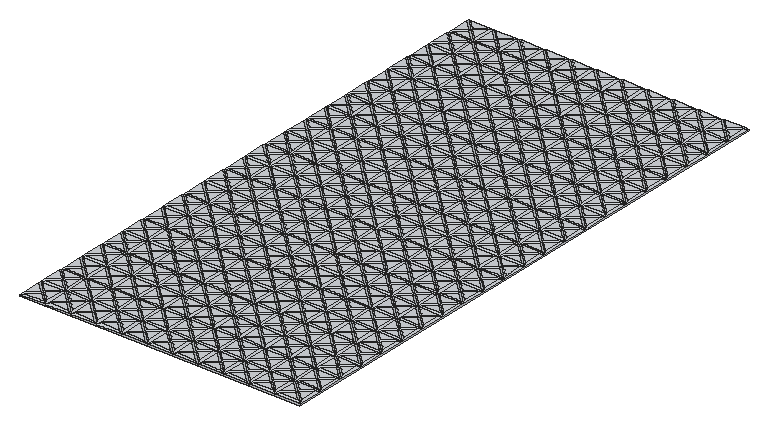
Revit family "J2 PET Felt Engraved Crystal", category Generic Models, host Face, Revit 2022
Family settings
  Host = Face
  Can host rebar = No
  Round Connector Dimension = Use Diameter
  Part Type = Normal
  Cut with Voids When Loaded = No
  Maintain Annotation Orientation = No
  Shared = No
  Room Calculation Point = No
Parameters
  URL = "https://www.j2systems.net/"
  Symbol Name = "FPECRS"  # constant formula
  Style Number = "FPECRS"  # constant formula
  Release Date = "2019"  # constant formula
  Product Line = "Engraved Panels"  # constant formula
  Model = "Crystal"  # constant formula
  Manufacturer = "J2 Systems"  # constant formula
  Felt color = none
  Default Elevation = 0' - 0"
Reference planes (in)
  plane 1 "Center (Front/Back)": y = 0
  plane 2: z = 0
  plane 3 "Center (Left/Right)": x = 0
Forms (in)
  Extrusion 1, solid, material <- "Felt color"
    sketch origin (0, 0, 0) x (1, 0, 0) y (0, 1, 0)
      loop
        line (0, 0) -> (47, 0) -> (47, 94) -> (0, 94) -> (0, 0)
    from 0 to 0.5
  Sweep 2, void
    path origin (-16.61701, 16.61701, 0) x (0.707107, -0.707107, 0) y (0.707107, 0.707107, 0)
      loop
        line (23.5, -0.25) -> (23.5, 66.75)
    profile origin (23.5113, 23.5113, 0) x (-0.707107, 0.707107, 0) y (0, 0, 1)
      loop
        line (0, 0.25) -> (0.25, 0.5) -> (-0.25, 0.5) -> (0, 0.25)
  Sweep 3, void
    path origin (-16.61701, 20.88974, 0) x (0.707107, -0.707107, 0) y (0.707107, 0.707107, 0)
      loop
        line (23.5, -0.25) -> (23.5, 66.75)
    profile origin (23.5113, 27.78403, 0) x (-0.707107, 0.707107, 0) y (0, 0, 1)
      loop
        line (0, 0.25) -> (0.25, 0.5) -> (-0.25, 0.5) -> (0, 0.25)
  Sweep 4, void
    path origin (-16.61701, 25.16246, 0) x (0.707107, -0.707107, 0) y (0.707107, 0.707107, 0)
      loop
        line (23.5, -0.25) -> (23.5, 66.75)
    profile origin (23.5113, 32.05676, 0) x (-0.707107, 0.707107, 0) y (0, 0, 1)
      loop
        line (0, 0.25) -> (0.25, 0.5) -> (-0.25, 0.5) -> (0, 0.25)
  Sweep 5, void
    path origin (-16.61701, 29.43519, 0) x (0.707107, -0.707107, 0) y (0.707107, 0.707107, 0)
      loop
        line (23.5, -0.25) -> (23.5, 66.75)
    profile origin (23.5113, 36.32948, 0) x (-0.707107, 0.707107, 0) y (0, 0, 1)
      loop
        line (0, 0.25) -> (0.25, 0.5) -> (-0.25, 0.5) -> (0, 0.25)
  Sweep 6, void
    path origin (-16.61701, 33.70792, 0) x (0.707107, -0.707107, 0) y (0.707107, 0.707107, 0)
      loop
        line (23.5, -0.25) -> (23.5, 66.75)
    profile origin (23.5113, 40.60221, 0) x (-0.707107, 0.707107, 0) y (0, 0, 1)
      loop
        line (0, 0.25) -> (0.25, 0.5) -> (-0.25, 0.5) -> (0, 0.25)
  Sweep 7, void
    path origin (-16.61701, 37.98065, 0) x (0.707107, -0.707107, 0) y (0.707107, 0.707107, 0)
      loop
        line (23.5, -0.25) -> (23.5, 66.75)
    profile origin (23.5113, 44.87494, 0) x (-0.707107, 0.707107, 0) y (0, 0, 1)
      loop
        line (0, 0.25) -> (0.25, 0.5) -> (-0.25, 0.5) -> (0, 0.25)
  Sweep 8, void
    path origin (-16.61701, 42.25337, 0) x (0.707107, -0.707107, 0) y (0.707107, 0.707107, 0)
      loop
        line (23.5, -0.25) -> (23.5, 66.75)
    profile origin (23.5113, 49.14766, 0) x (-0.707107, 0.707107, 0) y (0, 0, 1)
      loop
        line (0, 0.25) -> (0.25, 0.5) -> (-0.25, 0.5) -> (0, 0.25)
  Sweep 9, void
    path origin (-16.61701, 46.5261, 0) x (0.707107, -0.707107, 0) y (0.707107, 0.707107, 0)
      loop
        line (23.5, -0.25) -> (23.5, 66.75)
    profile origin (23.5113, 53.42039, 0) x (-0.707107, 0.707107, 0) y (0, 0, 1)
      loop
        line (0, 0.25) -> (0.25, 0.5) -> (-0.25, 0.5) -> (0, 0.25)
  Sweep 10, void
    path origin (-16.61701, 50.79883, 0) x (0.707107, -0.707107, 0) y (0.707107, 0.707107, 0)
      loop
        line (23.5, -0.25) -> (23.5, 66.75)
    profile origin (23.5113, 57.69312, 0) x (-0.707107, 0.707107, 0) y (0, 0, 1)
      loop
        line (0, 0.25) -> (0.25, 0.5) -> (-0.25, 0.5) -> (0, 0.25)
  Sweep 11, void
    path origin (-16.61701, 55.07155, 0) x (0.707107, -0.707107, 0) y (0.707107, 0.707107, 0)
      loop
        line (23.5, -0.25) -> (23.5, 66.75)
    profile origin (23.5113, 61.96585, 0) x (-0.707107, 0.707107, 0) y (0, 0, 1)
      loop
        line (0, 0.25) -> (0.25, 0.5) -> (-0.25, 0.5) -> (0, 0.25)
  Sweep 12, void
    path origin (-16.61701, 59.34428, 0) x (0.707107, -0.707107, 0) y (0.707107, 0.707107, 0)
      loop
        line (23.5, -0.25) -> (23.5, 66.75)
    profile origin (23.5113, 66.23857, 0) x (-0.707107, 0.707107, 0) y (0, 0, 1)
      loop
        line (0, 0.25) -> (0.25, 0.5) -> (-0.25, 0.5) -> (0, 0.25)
  Sweep 13, void
    path origin (-16.61701, 63.61701, 0) x (0.707107, -0.707107, 0) y (0.707107, 0.707107, 0)
      loop
        line (23.5, -0.25) -> (23.5, 66.75)
    profile origin (23.5113, 70.5113, 0) x (-0.707107, 0.707107, 0) y (0, 0, 1)
      loop
        line (0, 0.25) -> (0.25, 0.5) -> (-0.25, 0.5) -> (0, 0.25)
  Sweep 14, void
    path origin (-16.61701, 67.88974, 0) x (0.707107, -0.707107, 0) y (0.707107, 0.707107, 0)
      loop
        line (23.5, -0.25) -> (23.5, 66.75)
    profile origin (23.5113, 74.78403, 0) x (-0.707107, 0.707107, 0) y (0, 0, 1)
      loop
        line (0, 0.25) -> (0.25, 0.5) -> (-0.25, 0.5) -> (0, 0.25)
  Sweep 15, void
    path origin (-16.61701, 72.16246, 0) x (0.707107, -0.707107, 0) y (0.707107, 0.707107, 0)
      loop
        line (23.5, -0.25) -> (23.5, 66.75)
    profile origin (23.5113, 79.05676, 0) x (-0.707107, 0.707107, 0) y (0, 0, 1)
      loop
        line (0, 0.25) -> (0.25, 0.5) -> (-0.25, 0.5) -> (0, 0.25)
  Sweep 16, void
    path origin (-16.61701, 76.43519, 0) x (0.707107, -0.707107, 0) y (0.707107, 0.707107, 0)
      loop
        line (23.5, -0.25) -> (23.5, 66.75)
    profile origin (23.5113, 83.32948, 0) x (-0.707107, 0.707107, 0) y (0, 0, 1)
      loop
        line (0, 0.25) -> (0.25, 0.5) -> (-0.25, 0.5) -> (0, 0.25)
  Sweep 17, void
    path origin (-16.61701, 80.70792, 0) x (0.707107, -0.707107, 0) y (0.707107, 0.707107, 0)
      loop
        line (23.5, -0.25) -> (23.5, 66.75)
    profile origin (23.5113, 87.60221, 0) x (-0.707107, 0.707107, 0) y (0, 0, 1)
      loop
        line (0, 0.25) -> (0.25, 0.5) -> (-0.25, 0.5) -> (0, 0.25)
  Sweep 18, void
    path origin (-16.61701, 84.98065, 0) x (0.707107, -0.707107, 0) y (0.707107, 0.707107, 0)
      loop
        line (23.5, -0.25) -> (23.5, 66.75)
    profile origin (23.5113, 91.87494, 0) x (-0.707107, 0.707107, 0) y (0, 0, 1)
      loop
        line (0, 0.25) -> (0.25, 0.5) -> (-0.25, 0.5) -> (0, 0.25)
  Sweep 19, void
    path origin (-16.61701, 89.25337, 0) x (0.707107, -0.707107, 0) y (0.707107, 0.707107, 0)
      loop
        line (23.5, -0.25) -> (23.5, 66.75)
    profile origin (23.5113, 96.14766, 0) x (-0.707107, 0.707107, 0) y (0, 0, 1)
      loop
        line (0, 0.25) -> (0.25, 0.5) -> (-0.25, 0.5) -> (0, 0.25)
  Sweep 20, void
    path origin (-16.61701, 93.5261, 0) x (0.707107, -0.707107, 0) y (0.707107, 0.707107, 0)
      loop
        line (23.5, -0.25) -> (23.5, 66.75)
    profile origin (23.5113, 100.42039, 0) x (-0.707107, 0.707107, 0) y (0, 0, 1)
      loop
        line (0, 0.25) -> (0.25, 0.5) -> (-0.25, 0.5) -> (0, 0.25)
  Sweep 21, void
    path origin (-16.61701, 97.79883, 0) x (0.707107, -0.707107, 0) y (0.707107, 0.707107, 0)
      loop
        line (23.5, -0.25) -> (23.5, 66.75)
    profile origin (23.5113, 104.69312, 0) x (-0.707107, 0.707107, 0) y (0, 0, 1)
      loop
        line (0, 0.25) -> (0.25, 0.5) -> (-0.25, 0.5) -> (0, 0.25)
  Sweep 22, void
    path origin (-16.61701, 102.07155, 0) x (0.707107, -0.707107, 0) y (0.707107, 0.707107, 0)
      loop
        line (23.5, -0.25) -> (23.5, 66.75)
    profile origin (23.5113, 108.96585, 0) x (-0.707107, 0.707107, 0) y (0, 0, 1)
      loop
        line (0, 0.25) -> (0.25, 0.5) -> (-0.25, 0.5) -> (0, 0.25)
  Sweep 23, void
    path origin (-16.61701, 106.34428, 0) x (0.707107, -0.707107, 0) y (0.707107, 0.707107, 0)
      loop
        line (23.5, -0.25) -> (23.5, 66.75)
    profile origin (23.5113, 113.23857, 0) x (-0.707107, 0.707107, 0) y (0, 0, 1)
      loop
        line (0, 0.25) -> (0.25, 0.5) -> (-0.25, 0.5) -> (0, 0.25)
  Sweep 24, void
    path origin (-16.61701, -30.38299, 0) x (0.707107, -0.707107, 0) y (0.707107, 0.707107, 0)
      loop
        line (23.5, -0.25) -> (23.5, 66.75)
    profile origin (23.5113, -23.4887, 0) x (-0.707107, 0.707107, 0) y (0, 0, 1)
      loop
        line (0, 0.25) -> (0.25, 0.5) -> (-0.25, 0.5) -> (0, 0.25)
  Sweep 25, void
    path origin (-16.61701, -26.11026, 0) x (0.707107, -0.707107, 0) y (0.707107, 0.707107, 0)
      loop
        line (23.5, -0.25) -> (23.5, 66.75)
    profile origin (23.5113, -19.21597, 0) x (-0.707107, 0.707107, 0) y (0, 0, 1)
      loop
        line (0, 0.25) -> (0.25, 0.5) -> (-0.25, 0.5) -> (0, 0.25)
  Sweep 26, void
    path origin (-16.61701, -21.83754, 0) x (0.707107, -0.707107, 0) y (0.707107, 0.707107, 0)
      loop
        line (23.5, -0.25) -> (23.5, 66.75)
    profile origin (23.5113, -14.94324, 0) x (-0.707107, 0.707107, 0) y (0, 0, 1)
      loop
        line (0, 0.25) -> (0.25, 0.5) -> (-0.25, 0.5) -> (0, 0.25)
  Sweep 27, void
    path origin (-16.61701, -17.56481, 0) x (0.707107, -0.707107, 0) y (0.707107, 0.707107, 0)
      loop
        line (23.5, -0.25) -> (23.5, 66.75)
    profile origin (23.5113, -10.67052, 0) x (-0.707107, 0.707107, 0) y (0, 0, 1)
      loop
        line (0, 0.25) -> (0.25, 0.5) -> (-0.25, 0.5) -> (0, 0.25)
  Sweep 28, void
    path origin (-16.61701, -13.29208, 0) x (0.707107, -0.707107, 0) y (0.707107, 0.707107, 0)
      loop
        line (23.5, -0.25) -> (23.5, 66.75)
    profile origin (23.5113, -6.39779, 0) x (-0.707107, 0.707107, 0) y (0, 0, 1)
      loop
        line (0, 0.25) -> (0.25, 0.5) -> (-0.25, 0.5) -> (0, 0.25)
  Sweep 29, void
    path origin (-16.61701, -9.01935, 0) x (0.707107, -0.707107, 0) y (0.707107, 0.707107, 0)
      loop
        line (23.5, -0.25) -> (23.5, 66.75)
    profile origin (23.5113, -2.12506, 0) x (-0.707107, 0.707107, 0) y (0, 0, 1)
      loop
        line (0, 0.25) -> (0.25, 0.5) -> (-0.25, 0.5) -> (0, 0.25)
  Sweep 30, void
    path origin (-16.61701, -4.74663, 0) x (0.707107, -0.707107, 0) y (0.707107, 0.707107, 0)
      loop
        line (23.5, -0.25) -> (23.5, 66.75)
    profile origin (23.5113, 2.14766, 0) x (-0.707107, 0.707107, 0) y (0, 0, 1)
      loop
        line (0, 0.25) -> (0.25, 0.5) -> (-0.25, 0.5) -> (0, 0.25)
  Sweep 31, void
    path origin (-16.61701, -0.4739, 0) x (0.707107, -0.707107, 0) y (0.707107, 0.707107, 0)
      loop
        line (23.5, -0.25) -> (23.5, 66.75)
    profile origin (23.5113, 6.42039, 0) x (-0.707107, 0.707107, 0) y (0, 0, 1)
      loop
        line (0, 0.25) -> (0.25, 0.5) -> (-0.25, 0.5) -> (0, 0.25)
  Sweep 32, void
    path origin (-16.61701, 3.79883, 0) x (0.707107, -0.707107, 0) y (0.707107, 0.707107, 0)
      loop
        line (23.5, -0.25) -> (23.5, 66.75)
    profile origin (23.5113, 10.69312, 0) x (-0.707107, 0.707107, 0) y (0, 0, 1)
      loop
        line (0, 0.25) -> (0.25, 0.5) -> (-0.25, 0.5) -> (0, 0.25)
  Sweep 33, void
    path origin (-16.61701, 8.07155, 0) x (0.707107, -0.707107, 0) y (0.707107, 0.707107, 0)
      loop
        line (23.5, -0.25) -> (23.5, 66.75)
    profile origin (23.5113, 14.96585, 0) x (-0.707107, 0.707107, 0) y (0, 0, 1)
      loop
        line (0, 0.25) -> (0.25, 0.5) -> (-0.25, 0.5) -> (0, 0.25)
  Sweep 34, void
    path origin (-16.61701, 12.34428, 0) x (0.707107, -0.707107, 0) y (0.707107, 0.707107, 0)
      loop
        line (23.5, -0.25) -> (23.5, 66.75)
    profile origin (23.5113, 19.23857, 0) x (-0.707107, 0.707107, 0) y (0, 0, 1)
      loop
        line (0, 0.25) -> (0.25, 0.5) -> (-0.25, 0.5) -> (0, 0.25)
  Sweep 35, void
    path origin (-16.61701, 110.61701, 0) x (0.707107, -0.707107, 0) y (0.707107, 0.707107, 0)
      loop
        line (23.5, -0.25) -> (23.5, 66.75)
    profile origin (23.5113, 117.5113, 0) x (-0.707107, 0.707107, 0) y (0, 0, 1)
      loop
        line (0, 0.25) -> (0.25, 0.5) -> (-0.25, 0.5) -> (0, 0.25)
  Sweep 36, void
    path origin (30.40559, -8.09416, 0) x (0.707107, 0.707107, 0) y (-0.707107, 0.707107, 0)
      loop
        line (23.5, -0.25) -> (23.5, 66.75)
    profile origin (23.5113, 32.03415, 0) x (-0.707107, -0.707107, 0) y (0, 0, 1)
      loop
        line (0, 0.25) -> (0.25, 0.5) -> (-0.25, 0.5) -> (0, 0.25)
  Sweep 37, void
    path origin (30.40559, -3.82143, 0) x (0.707107, 0.707107, 0) y (-0.707107, 0.707107, 0)
      loop
        line (23.5, -0.25) -> (23.5, 66.75)
    profile origin (23.5113, 36.30688, 0) x (-0.707107, -0.707107, 0) y (0, 0, 1)
      loop
        line (0, 0.25) -> (0.25, 0.5) -> (-0.25, 0.5) -> (0, 0.25)
  Sweep 38, void
    path origin (30.40559, 0.4513, 0) x (0.707107, 0.707107, 0) y (-0.707107, 0.707107, 0)
      loop
        line (23.5, -0.25) -> (23.5, 66.75)
    profile origin (23.5113, 40.57961, 0) x (-0.707107, -0.707107, 0) y (0, 0, 1)
      loop
        line (0, 0.25) -> (0.25, 0.5) -> (-0.25, 0.5) -> (0, 0.25)
  Sweep 39, void
    path origin (30.40559, 4.72403, 0) x (0.707107, 0.707107, 0) y (-0.707107, 0.707107, 0)
      loop
        line (23.5, -0.25) -> (23.5, 66.75)
    profile origin (23.5113, 44.85234, 0) x (-0.707107, -0.707107, 0) y (0, 0, 1)
      loop
        line (0, 0.25) -> (0.25, 0.5) -> (-0.25, 0.5) -> (0, 0.25)
  Sweep 40, void
    path origin (30.40559, 8.99675, 0) x (0.707107, 0.707107, 0) y (-0.707107, 0.707107, 0)
      loop
        line (23.5, -0.25) -> (23.5, 66.75)
    profile origin (23.5113, 49.12506, 0) x (-0.707107, -0.707107, 0) y (0, 0, 1)
      loop
        line (0, 0.25) -> (0.25, 0.5) -> (-0.25, 0.5) -> (0, 0.25)
  Sweep 41, void
    path origin (30.40559, 13.26948, 0) x (0.707107, 0.707107, 0) y (-0.707107, 0.707107, 0)
      loop
        line (23.5, -0.25) -> (23.5, 66.75)
    profile origin (23.5113, 53.39779, 0) x (-0.707107, -0.707107, 0) y (0, 0, 1)
      loop
        line (0, 0.25) -> (0.25, 0.5) -> (-0.25, 0.5) -> (0, 0.25)
  Sweep 42, void
    path origin (30.40559, 17.54221, 0) x (0.707107, 0.707107, 0) y (-0.707107, 0.707107, 0)
      loop
        line (23.5, -0.25) -> (23.5, 66.75)
    profile origin (23.5113, 57.67052, 0) x (-0.707107, -0.707107, 0) y (0, 0, 1)
      loop
        line (0, 0.25) -> (0.25, 0.5) -> (-0.25, 0.5) -> (0, 0.25)
  Sweep 43, void
    path origin (30.40559, 21.81494, 0) x (0.707107, 0.707107, 0) y (-0.707107, 0.707107, 0)
      loop
        line (23.5, -0.25) -> (23.5, 66.75)
    profile origin (23.5113, 61.94324, 0) x (-0.707107, -0.707107, 0) y (0, 0, 1)
      loop
        line (0, 0.25) -> (0.25, 0.5) -> (-0.25, 0.5) -> (0, 0.25)
  Sweep 44, void
    path origin (30.40559, 26.08766, 0) x (0.707107, 0.707107, 0) y (-0.707107, 0.707107, 0)
      loop
        line (23.5, -0.25) -> (23.5, 66.75)
    profile origin (23.5113, 66.21597, 0) x (-0.707107, -0.707107, 0) y (0, 0, 1)
      loop
        line (0, 0.25) -> (0.25, 0.5) -> (-0.25, 0.5) -> (0, 0.25)
  Sweep 45, void
    path origin (30.40559, 30.36039, 0) x (0.707107, 0.707107, 0) y (-0.707107, 0.707107, 0)
      loop
        line (23.5, -0.25) -> (23.5, 66.75)
    profile origin (23.5113, 70.4887, 0) x (-0.707107, -0.707107, 0) y (0, 0, 1)
      loop
        line (0, 0.25) -> (0.25, 0.5) -> (-0.25, 0.5) -> (0, 0.25)
  Sweep 46, void
    path origin (30.40559, 34.63312, 0) x (0.707107, 0.707107, 0) y (-0.707107, 0.707107, 0)
      loop
        line (23.5, -0.25) -> (23.5, 66.75)
    profile origin (23.5113, 74.76143, 0) x (-0.707107, -0.707107, 0) y (0, 0, 1)
      loop
        line (0, 0.25) -> (0.25, 0.5) -> (-0.25, 0.5) -> (0, 0.25)
  Sweep 47, void
    path origin (30.40559, 38.90584, 0) x (0.707107, 0.707107, 0) y (-0.707107, 0.707107, 0)
      loop
        line (23.5, -0.25) -> (23.5, 66.75)
    profile origin (23.5113, 79.03415, 0) x (-0.707107, -0.707107, 0) y (0, 0, 1)
      loop
        line (0, 0.25) -> (0.25, 0.5) -> (-0.25, 0.5) -> (0, 0.25)
  Sweep 48, void
    path origin (30.40559, 43.17857, 0) x (0.707107, 0.707107, 0) y (-0.707107, 0.707107, 0)
      loop
        line (23.5, -0.25) -> (23.5, 66.75)
    profile origin (23.5113, 83.30688, 0) x (-0.707107, -0.707107, 0) y (0, 0, 1)
      loop
        line (0, 0.25) -> (0.25, 0.5) -> (-0.25, 0.5) -> (0, 0.25)
  Sweep 49, void
    path origin (30.40559, 47.4513, 0) x (0.707107, 0.707107, 0) y (-0.707107, 0.707107, 0)
      loop
        line (23.5, -0.25) -> (23.5, 66.75)
    profile origin (23.5113, 87.57961, 0) x (-0.707107, -0.707107, 0) y (0, 0, 1)
      loop
        line (0, 0.25) -> (0.25, 0.5) -> (-0.25, 0.5) -> (0, 0.25)
  Sweep 50, void
    path origin (30.40559, 51.72403, 0) x (0.707107, 0.707107, 0) y (-0.707107, 0.707107, 0)
      loop
        line (23.5, -0.25) -> (23.5, 66.75)
    profile origin (23.5113, 91.85234, 0) x (-0.707107, -0.707107, 0) y (0, 0, 1)
      loop
        line (0, 0.25) -> (0.25, 0.5) -> (-0.25, 0.5) -> (0, 0.25)
  Sweep 51, void
    path origin (30.40559, 55.99675, 0) x (0.707107, 0.707107, 0) y (-0.707107, 0.707107, 0)
      loop
        line (23.5, -0.25) -> (23.5, 66.75)
    profile origin (23.5113, 96.12506, 0) x (-0.707107, -0.707107, 0) y (0, 0, 1)
      loop
        line (0, 0.25) -> (0.25, 0.5) -> (-0.25, 0.5) -> (0, 0.25)
  Sweep 52, void
    path origin (30.40559, 60.26948, 0) x (0.707107, 0.707107, 0) y (-0.707107, 0.707107, 0)
      loop
        line (23.5, -0.25) -> (23.5, 66.75)
    profile origin (23.5113, 100.39779, 0) x (-0.707107, -0.707107, 0) y (0, 0, 1)
      loop
        line (0, 0.25) -> (0.25, 0.5) -> (-0.25, 0.5) -> (0, 0.25)
  Sweep 53, void
    path origin (30.40559, 64.54221, 0) x (0.707107, 0.707107, 0) y (-0.707107, 0.707107, 0)
      loop
        line (23.5, -0.25) -> (23.5, 66.75)
    profile origin (23.5113, 104.67052, 0) x (-0.707107, -0.707107, 0) y (0, 0, 1)
      loop
        line (0, 0.25) -> (0.25, 0.5) -> (-0.25, 0.5) -> (0, 0.25)
  Sweep 54, void
    path origin (30.40559, 68.81494, 0) x (0.707107, 0.707107, 0) y (-0.707107, 0.707107, 0)
      loop
        line (23.5, -0.25) -> (23.5, 66.75)
    profile origin (23.5113, 108.94324, 0) x (-0.707107, -0.707107, 0) y (0, 0, 1)
      loop
        line (0, 0.25) -> (0.25, 0.5) -> (-0.25, 0.5) -> (0, 0.25)
  Sweep 55, void
    path origin (30.40559, 73.08766, 0) x (0.707107, 0.707107, 0) y (-0.707107, 0.707107, 0)
      loop
        line (23.5, -0.25) -> (23.5, 66.75)
    profile origin (23.5113, 113.21597, 0) x (-0.707107, -0.707107, 0) y (0, 0, 1)
      loop
        line (0, 0.25) -> (0.25, 0.5) -> (-0.25, 0.5) -> (0, 0.25)
  Sweep 56, void
    path origin (30.40559, -50.82143, 0) x (0.707107, 0.707107, 0) y (-0.707107, 0.707107, 0)
      loop
        line (23.5, -0.25) -> (23.5, 66.75)
    profile origin (23.5113, -10.69312, 0) x (-0.707107, -0.707107, 0) y (0, 0, 1)
      loop
        line (0, 0.25) -> (0.25, 0.5) -> (-0.25, 0.5) -> (0, 0.25)
  Sweep 57, void
    path origin (30.40559, -46.5487, 0) x (0.707107, 0.707107, 0) y (-0.707107, 0.707107, 0)
      loop
        line (23.5, -0.25) -> (23.5, 66.75)
    profile origin (23.5113, -6.42039, 0) x (-0.707107, -0.707107, 0) y (0, 0, 1)
      loop
        line (0, 0.25) -> (0.25, 0.5) -> (-0.25, 0.5) -> (0, 0.25)
  Sweep 58, void
    path origin (30.40559, -42.27597, 0) x (0.707107, 0.707107, 0) y (-0.707107, 0.707107, 0)
      loop
        line (23.5, -0.25) -> (23.5, 66.75)
    profile origin (23.5113, -2.14766, 0) x (-0.707107, -0.707107, 0) y (0, 0, 1)
      loop
        line (0, 0.25) -> (0.25, 0.5) -> (-0.25, 0.5) -> (0, 0.25)
  Sweep 59, void
    path origin (30.40559, -38.00325, 0) x (0.707107, 0.707107, 0) y (-0.707107, 0.707107, 0)
      loop
        line (23.5, -0.25) -> (23.5, 66.75)
    profile origin (23.5113, 2.12506, 0) x (-0.707107, -0.707107, 0) y (0, 0, 1)
      loop
        line (0, 0.25) -> (0.25, 0.5) -> (-0.25, 0.5) -> (0, 0.25)
  Sweep 60, void
    path origin (30.40559, -33.73052, 0) x (0.707107, 0.707107, 0) y (-0.707107, 0.707107, 0)
      loop
        line (23.5, -0.25) -> (23.5, 66.75)
    profile origin (23.5113, 6.39779, 0) x (-0.707107, -0.707107, 0) y (0, 0, 1)
      loop
        line (0, 0.25) -> (0.25, 0.5) -> (-0.25, 0.5) -> (0, 0.25)
  Sweep 61, void
    path origin (30.40559, -29.45779, 0) x (0.707107, 0.707107, 0) y (-0.707107, 0.707107, 0)
      loop
        line (23.5, -0.25) -> (23.5, 66.75)
    profile origin (23.5113, 10.67052, 0) x (-0.707107, -0.707107, 0) y (0, 0, 1)
      loop
        line (0, 0.25) -> (0.25, 0.5) -> (-0.25, 0.5) -> (0, 0.25)
  Sweep 62, void
    path origin (30.40559, -25.18506, 0) x (0.707107, 0.707107, 0) y (-0.707107, 0.707107, 0)
      loop
        line (23.5, -0.25) -> (23.5, 66.75)
    profile origin (23.5113, 14.94324, 0) x (-0.707107, -0.707107, 0) y (0, 0, 1)
      loop
        line (0, 0.25) -> (0.25, 0.5) -> (-0.25, 0.5) -> (0, 0.25)
  Sweep 63, void
    path origin (30.40559, -20.91234, 0) x (0.707107, 0.707107, 0) y (-0.707107, 0.707107, 0)
      loop
        line (23.5, -0.25) -> (23.5, 66.75)
    profile origin (23.5113, 19.21597, 0) x (-0.707107, -0.707107, 0) y (0, 0, 1)
      loop
        line (0, 0.25) -> (0.25, 0.5) -> (-0.25, 0.5) -> (0, 0.25)
  Sweep 64, void
    path origin (30.40559, -16.63961, 0) x (0.707107, 0.707107, 0) y (-0.707107, 0.707107, 0)
      loop
        line (23.5, -0.25) -> (23.5, 66.75)
    profile origin (23.5113, 23.4887, 0) x (-0.707107, -0.707107, 0) y (0, 0, 1)
      loop
        line (0, 0.25) -> (0.25, 0.5) -> (-0.25, 0.5) -> (0, 0.25)
  Sweep 65, void
    path origin (30.40559, -12.36688, 0) x (0.707107, 0.707107, 0) y (-0.707107, 0.707107, 0)
      loop
        line (23.5, -0.25) -> (23.5, 66.75)
    profile origin (23.5113, 27.76143, 0) x (-0.707107, -0.707107, 0) y (0, 0, 1)
      loop
        line (0, 0.25) -> (0.25, 0.5) -> (-0.25, 0.5) -> (0, 0.25)
  Sweep 66, void
    path origin (30.40559, -59.36688, 0) x (0.707107, 0.707107, 0) y (-0.707107, 0.707107, 0)
      loop
        line (23.5, -0.25) -> (23.5, 66.75)
    profile origin (23.5113, -19.23857, 0) x (-0.707107, -0.707107, 0) y (0, 0, 1)
      loop
        line (0, 0.25) -> (0.25, 0.5) -> (-0.25, 0.5) -> (0, 0.25)
  Sweep 67, void
    path origin (30.40559, -55.09416, 0) x (0.707107, 0.707107, 0) y (-0.707107, 0.707107, 0)
      loop
        line (23.5, -0.25) -> (23.5, 66.75)
    profile origin (23.5113, -14.96585, 0) x (-0.707107, -0.707107, 0) y (0, 0, 1)
      loop
        line (0, 0.25) -> (0.25, 0.5) -> (-0.25, 0.5) -> (0, 0.25)
  Sweep 68, void
    path origin (-23.5, -5.46597, 0) x (1, 0, 0) y (0, 1, 0)
      loop
        line (23.5, 5.46597) -> (23.5, 99.46597)
    profile origin (0, 47, 0) x (-1, 0, 0) y (0, 0, 1)
      loop
        line (0, 0.25) -> (0, 0.5) -> (-0.25, 0.5) -> (0, 0.25)
  Sweep 69, void, not visible
    path origin (-16.61701, 16.61701, 0) x (0.707107, -0.707107, 0) y (0.707107, 0.707107, 0)
      loop
        line (23.5, -0.25) -> (23.5, 66.75)
    profile origin (23.5113, 23.5113, 0) x (-0.707107, 0.707107, 0) y (0, 0, 1)
      loop
        line (0, 0.25) -> (0.25, 0.5) -> (-0.25, 0.5) -> (0, 0.25)
  Sweep 70, void, not visible
    path origin (-16.61701, 20.88974, 0) x (0.707107, -0.707107, 0) y (0.707107, 0.707107, 0)
      loop
        line (23.5, -0.25) -> (23.5, 66.75)
    profile origin (23.5113, 27.78403, 0) x (-0.707107, 0.707107, 0) y (0, 0, 1)
      loop
        line (0, 0.25) -> (0.25, 0.5) -> (-0.25, 0.5) -> (0, 0.25)
  Sweep 71, void, not visible
    path origin (-16.61701, 25.16246, 0) x (0.707107, -0.707107, 0) y (0.707107, 0.707107, 0)
      loop
        line (23.5, -0.25) -> (23.5, 66.75)
    profile origin (23.5113, 32.05676, 0) x (-0.707107, 0.707107, 0) y (0, 0, 1)
      loop
        line (0, 0.25) -> (0.25, 0.5) -> (-0.25, 0.5) -> (0, 0.25)
  Sweep 72, void, not visible
    path origin (-16.61701, 29.43519, 0) x (0.707107, -0.707107, 0) y (0.707107, 0.707107, 0)
      loop
        line (23.5, -0.25) -> (23.5, 66.75)
    profile origin (23.5113, 36.32948, 0) x (-0.707107, 0.707107, 0) y (0, 0, 1)
      loop
        line (0, 0.25) -> (0.25, 0.5) -> (-0.25, 0.5) -> (0, 0.25)
  Sweep 73, void, not visible
    path origin (-16.61701, 33.70792, 0) x (0.707107, -0.707107, 0) y (0.707107, 0.707107, 0)
      loop
        line (23.5, -0.25) -> (23.5, 66.75)
    profile origin (23.5113, 40.60221, 0) x (-0.707107, 0.707107, 0) y (0, 0, 1)
      loop
        line (0, 0.25) -> (0.25, 0.5) -> (-0.25, 0.5) -> (0, 0.25)
  Sweep 74, void, not visible
    path origin (-16.61701, 37.98065, 0) x (0.707107, -0.707107, 0) y (0.707107, 0.707107, 0)
      loop
        line (23.5, -0.25) -> (23.5, 66.75)
    profile origin (23.5113, 44.87494, 0) x (-0.707107, 0.707107, 0) y (0, 0, 1)
      loop
        line (0, 0.25) -> (0.25, 0.5) -> (-0.25, 0.5) -> (0, 0.25)
  Sweep 75, void, not visible
    path origin (-16.61701, 42.25337, 0) x (0.707107, -0.707107, 0) y (0.707107, 0.707107, 0)
      loop
        line (23.5, -0.25) -> (23.5, 66.75)
    profile origin (23.5113, 49.14766, 0) x (-0.707107, 0.707107, 0) y (0, 0, 1)
      loop
        line (0, 0.25) -> (0.25, 0.5) -> (-0.25, 0.5) -> (0, 0.25)
  Sweep 76, void, not visible
    path origin (-16.61701, 46.5261, 0) x (0.707107, -0.707107, 0) y (0.707107, 0.707107, 0)
      loop
        line (23.5, -0.25) -> (23.5, 66.75)
    profile origin (23.5113, 53.42039, 0) x (-0.707107, 0.707107, 0) y (0, 0, 1)
      loop
        line (0, 0.25) -> (0.25, 0.5) -> (-0.25, 0.5) -> (0, 0.25)
  Sweep 77, void, not visible
    path origin (-16.61701, 50.79883, 0) x (0.707107, -0.707107, 0) y (0.707107, 0.707107, 0)
      loop
        line (23.5, -0.25) -> (23.5, 66.75)
    profile origin (23.5113, 57.69312, 0) x (-0.707107, 0.707107, 0) y (0, 0, 1)
      loop
        line (0, 0.25) -> (0.25, 0.5) -> (-0.25, 0.5) -> (0, 0.25)
  Sweep 78, void, not visible
    path origin (-16.61701, 55.07155, 0) x (0.707107, -0.707107, 0) y (0.707107, 0.707107, 0)
      loop
        line (23.5, -0.25) -> (23.5, 66.75)
    profile origin (23.5113, 61.96585, 0) x (-0.707107, 0.707107, 0) y (0, 0, 1)
      loop
        line (0, 0.25) -> (0.25, 0.5) -> (-0.25, 0.5) -> (0, 0.25)
  Sweep 79, void, not visible
    path origin (-16.61701, 59.34428, 0) x (0.707107, -0.707107, 0) y (0.707107, 0.707107, 0)
      loop
        line (23.5, -0.25) -> (23.5, 66.75)
    profile origin (23.5113, 66.23857, 0) x (-0.707107, 0.707107, 0) y (0, 0, 1)
      loop
        line (0, 0.25) -> (0.25, 0.5) -> (-0.25, 0.5) -> (0, 0.25)
  Sweep 80, void, not visible
    path origin (-16.61701, 63.61701, 0) x (0.707107, -0.707107, 0) y (0.707107, 0.707107, 0)
      loop
        line (23.5, -0.25) -> (23.5, 66.75)
    profile origin (23.5113, 70.5113, 0) x (-0.707107, 0.707107, 0) y (0, 0, 1)
      loop
        line (0, 0.25) -> (0.25, 0.5) -> (-0.25, 0.5) -> (0, 0.25)
  Sweep 81, void, not visible
    path origin (-16.61701, 67.88974, 0) x (0.707107, -0.707107, 0) y (0.707107, 0.707107, 0)
      loop
        line (23.5, -0.25) -> (23.5, 66.75)
    profile origin (23.5113, 74.78403, 0) x (-0.707107, 0.707107, 0) y (0, 0, 1)
      loop
        line (0, 0.25) -> (0.25, 0.5) -> (-0.25, 0.5) -> (0, 0.25)
  Sweep 82, void, not visible
    path origin (-16.61701, 72.16246, 0) x (0.707107, -0.707107, 0) y (0.707107, 0.707107, 0)
      loop
        line (23.5, -0.25) -> (23.5, 66.75)
    profile origin (23.5113, 79.05676, 0) x (-0.707107, 0.707107, 0) y (0, 0, 1)
      loop
        line (0, 0.25) -> (0.25, 0.5) -> (-0.25, 0.5) -> (0, 0.25)
  Sweep 83, void, not visible
    path origin (-16.61701, 76.43519, 0) x (0.707107, -0.707107, 0) y (0.707107, 0.707107, 0)
      loop
        line (23.5, -0.25) -> (23.5, 66.75)
    profile origin (23.5113, 83.32948, 0) x (-0.707107, 0.707107, 0) y (0, 0, 1)
      loop
        line (0, 0.25) -> (0.25, 0.5) -> (-0.25, 0.5) -> (0, 0.25)
  Sweep 84, void, not visible
    path origin (-16.61701, 80.70792, 0) x (0.707107, -0.707107, 0) y (0.707107, 0.707107, 0)
      loop
        line (23.5, -0.25) -> (23.5, 66.75)
    profile origin (23.5113, 87.60221, 0) x (-0.707107, 0.707107, 0) y (0, 0, 1)
      loop
        line (0, 0.25) -> (0.25, 0.5) -> (-0.25, 0.5) -> (0, 0.25)
  Sweep 85, void, not visible
    path origin (-16.61701, 84.98065, 0) x (0.707107, -0.707107, 0) y (0.707107, 0.707107, 0)
      loop
        line (23.5, -0.25) -> (23.5, 66.75)
    profile origin (23.5113, 91.87494, 0) x (-0.707107, 0.707107, 0) y (0, 0, 1)
      loop
        line (0, 0.25) -> (0.25, 0.5) -> (-0.25, 0.5) -> (0, 0.25)
  Sweep 86, void, not visible
    path origin (-16.61701, 89.25337, 0) x (0.707107, -0.707107, 0) y (0.707107, 0.707107, 0)
      loop
        line (23.5, -0.25) -> (23.5, 66.75)
    profile origin (23.5113, 96.14766, 0) x (-0.707107, 0.707107, 0) y (0, 0, 1)
      loop
        line (0, 0.25) -> (0.25, 0.5) -> (-0.25, 0.5) -> (0, 0.25)
  Sweep 87, void, not visible
    path origin (-16.61701, 93.5261, 0) x (0.707107, -0.707107, 0) y (0.707107, 0.707107, 0)
      loop
        line (23.5, -0.25) -> (23.5, 66.75)
    profile origin (23.5113, 100.42039, 0) x (-0.707107, 0.707107, 0) y (0, 0, 1)
      loop
        line (0, 0.25) -> (0.25, 0.5) -> (-0.25, 0.5) -> (0, 0.25)
  Sweep 88, void, not visible
    path origin (-16.61701, 97.79883, 0) x (0.707107, -0.707107, 0) y (0.707107, 0.707107, 0)
      loop
        line (23.5, -0.25) -> (23.5, 66.75)
    profile origin (23.5113, 104.69312, 0) x (-0.707107, 0.707107, 0) y (0, 0, 1)
      loop
        line (0, 0.25) -> (0.25, 0.5) -> (-0.25, 0.5) -> (0, 0.25)
  Sweep 89, void, not visible
    path origin (-16.61701, 102.07155, 0) x (0.707107, -0.707107, 0) y (0.707107, 0.707107, 0)
      loop
        line (23.5, -0.25) -> (23.5, 66.75)
    profile origin (23.5113, 108.96585, 0) x (-0.707107, 0.707107, 0) y (0, 0, 1)
      loop
        line (0, 0.25) -> (0.25, 0.5) -> (-0.25, 0.5) -> (0, 0.25)
  Sweep 90, void, not visible
    path origin (-16.61701, 106.34428, 0) x (0.707107, -0.707107, 0) y (0.707107, 0.707107, 0)
      loop
        line (23.5, -0.25) -> (23.5, 66.75)
    profile origin (23.5113, 113.23857, 0) x (-0.707107, 0.707107, 0) y (0, 0, 1)
      loop
        line (0, 0.25) -> (0.25, 0.5) -> (-0.25, 0.5) -> (0, 0.25)
  Sweep 91, void, not visible
    path origin (-16.61701, -30.38299, 0) x (0.707107, -0.707107, 0) y (0.707107, 0.707107, 0)
      loop
        line (23.5, -0.25) -> (23.5, 66.75)
    profile origin (23.5113, -23.4887, 0) x (-0.707107, 0.707107, 0) y (0, 0, 1)
      loop
        line (0, 0.25) -> (0.25, 0.5) -> (-0.25, 0.5) -> (0, 0.25)
  Sweep 92, void, not visible
    path origin (-16.61701, -26.11026, 0) x (0.707107, -0.707107, 0) y (0.707107, 0.707107, 0)
      loop
        line (23.5, -0.25) -> (23.5, 66.75)
    profile origin (23.5113, -19.21597, 0) x (-0.707107, 0.707107, 0) y (0, 0, 1)
      loop
        line (0, 0.25) -> (0.25, 0.5) -> (-0.25, 0.5) -> (0, 0.25)
  Sweep 93, void, not visible
    path origin (-16.61701, -21.83754, 0) x (0.707107, -0.707107, 0) y (0.707107, 0.707107, 0)
      loop
        line (23.5, -0.25) -> (23.5, 66.75)
    profile origin (23.5113, -14.94324, 0) x (-0.707107, 0.707107, 0) y (0, 0, 1)
      loop
        line (0, 0.25) -> (0.25, 0.5) -> (-0.25, 0.5) -> (0, 0.25)
  Sweep 94, void, not visible
    path origin (-16.61701, -17.56481, 0) x (0.707107, -0.707107, 0) y (0.707107, 0.707107, 0)
      loop
        line (23.5, -0.25) -> (23.5, 66.75)
    profile origin (23.5113, -10.67052, 0) x (-0.707107, 0.707107, 0) y (0, 0, 1)
      loop
        line (0, 0.25) -> (0.25, 0.5) -> (-0.25, 0.5) -> (0, 0.25)
  Sweep 95, void, not visible
    path origin (-16.61701, -13.29208, 0) x (0.707107, -0.707107, 0) y (0.707107, 0.707107, 0)
      loop
        line (23.5, -0.25) -> (23.5, 66.75)
    profile origin (23.5113, -6.39779, 0) x (-0.707107, 0.707107, 0) y (0, 0, 1)
      loop
        line (0, 0.25) -> (0.25, 0.5) -> (-0.25, 0.5) -> (0, 0.25)
  Sweep 96, void, not visible
    path origin (-16.61701, -9.01935, 0) x (0.707107, -0.707107, 0) y (0.707107, 0.707107, 0)
      loop
        line (23.5, -0.25) -> (23.5, 66.75)
    profile origin (23.5113, -2.12506, 0) x (-0.707107, 0.707107, 0) y (0, 0, 1)
      loop
        line (0, 0.25) -> (0.25, 0.5) -> (-0.25, 0.5) -> (0, 0.25)
  Sweep 97, void, not visible
    path origin (-16.61701, -4.74663, 0) x (0.707107, -0.707107, 0) y (0.707107, 0.707107, 0)
      loop
        line (23.5, -0.25) -> (23.5, 66.75)
    profile origin (23.5113, 2.14766, 0) x (-0.707107, 0.707107, 0) y (0, 0, 1)
      loop
        line (0, 0.25) -> (0.25, 0.5) -> (-0.25, 0.5) -> (0, 0.25)
  Sweep 98, void, not visible
    path origin (-16.61701, -0.4739, 0) x (0.707107, -0.707107, 0) y (0.707107, 0.707107, 0)
      loop
        line (23.5, -0.25) -> (23.5, 66.75)
    profile origin (23.5113, 6.42039, 0) x (-0.707107, 0.707107, 0) y (0, 0, 1)
      loop
        line (0, 0.25) -> (0.25, 0.5) -> (-0.25, 0.5) -> (0, 0.25)
  Sweep 99, void, not visible
    path origin (-16.61701, 3.79883, 0) x (0.707107, -0.707107, 0) y (0.707107, 0.707107, 0)
      loop
        line (23.5, -0.25) -> (23.5, 66.75)
    profile origin (23.5113, 10.69312, 0) x (-0.707107, 0.707107, 0) y (0, 0, 1)
      loop
        line (0, 0.25) -> (0.25, 0.5) -> (-0.25, 0.5) -> (0, 0.25)
  Sweep 100, void, not visible
    path origin (-16.61701, 8.07155, 0) x (0.707107, -0.707107, 0) y (0.707107, 0.707107, 0)
      loop
        line (23.5, -0.25) -> (23.5, 66.75)
    profile origin (23.5113, 14.96585, 0) x (-0.707107, 0.707107, 0) y (0, 0, 1)
      loop
        line (0, 0.25) -> (0.25, 0.5) -> (-0.25, 0.5) -> (0, 0.25)
  Sweep 101, void, not visible
    path origin (-16.61701, 12.34428, 0) x (0.707107, -0.707107, 0) y (0.707107, 0.707107, 0)
      loop
        line (23.5, -0.25) -> (23.5, 66.75)
    profile origin (23.5113, 19.23857, 0) x (-0.707107, 0.707107, 0) y (0, 0, 1)
      loop
        line (0, 0.25) -> (0.25, 0.5) -> (-0.25, 0.5) -> (0, 0.25)
  Sweep 102, void, not visible
    path origin (-16.61701, 110.61701, 0) x (0.707107, -0.707107, 0) y (0.707107, 0.707107, 0)
      loop
        line (23.5, -0.25) -> (23.5, 66.75)
    profile origin (23.5113, 117.5113, 0) x (-0.707107, 0.707107, 0) y (0, 0, 1)
      loop
        line (0, 0.25) -> (0.25, 0.5) -> (-0.25, 0.5) -> (0, 0.25)
  Sweep 103, void, not visible
    path origin (30.40559, -8.09416, 0) x (0.707107, 0.707107, 0) y (-0.707107, 0.707107, 0)
      loop
        line (23.5, -0.25) -> (23.5, 66.75)
    profile origin (23.5113, 32.03415, 0) x (-0.707107, -0.707107, 0) y (0, 0, 1)
      loop
        line (0, 0.25) -> (0.25, 0.5) -> (-0.25, 0.5) -> (0, 0.25)
  Sweep 104, void, not visible
    path origin (30.40559, -3.82143, 0) x (0.707107, 0.707107, 0) y (-0.707107, 0.707107, 0)
      loop
        line (23.5, -0.25) -> (23.5, 66.75)
    profile origin (23.5113, 36.30688, 0) x (-0.707107, -0.707107, 0) y (0, 0, 1)
      loop
        line (0, 0.25) -> (0.25, 0.5) -> (-0.25, 0.5) -> (0, 0.25)
  Sweep 105, void, not visible
    path origin (30.40559, 0.4513, 0) x (0.707107, 0.707107, 0) y (-0.707107, 0.707107, 0)
      loop
        line (23.5, -0.25) -> (23.5, 66.75)
    profile origin (23.5113, 40.57961, 0) x (-0.707107, -0.707107, 0) y (0, 0, 1)
      loop
        line (0, 0.25) -> (0.25, 0.5) -> (-0.25, 0.5) -> (0, 0.25)
  Sweep 106, void, not visible
    path origin (30.40559, 4.72403, 0) x (0.707107, 0.707107, 0) y (-0.707107, 0.707107, 0)
      loop
        line (23.5, -0.25) -> (23.5, 66.75)
    profile origin (23.5113, 44.85234, 0) x (-0.707107, -0.707107, 0) y (0, 0, 1)
      loop
        line (0, 0.25) -> (0.25, 0.5) -> (-0.25, 0.5) -> (0, 0.25)
  Sweep 107, void, not visible
    path origin (30.40559, 8.99675, 0) x (0.707107, 0.707107, 0) y (-0.707107, 0.707107, 0)
      loop
        line (23.5, -0.25) -> (23.5, 66.75)
    profile origin (23.5113, 49.12506, 0) x (-0.707107, -0.707107, 0) y (0, 0, 1)
      loop
        line (0, 0.25) -> (0.25, 0.5) -> (-0.25, 0.5) -> (0, 0.25)
  Sweep 108, void, not visible
    path origin (30.40559, 13.26948, 0) x (0.707107, 0.707107, 0) y (-0.707107, 0.707107, 0)
      loop
        line (23.5, -0.25) -> (23.5, 66.75)
    profile origin (23.5113, 53.39779, 0) x (-0.707107, -0.707107, 0) y (0, 0, 1)
      loop
        line (0, 0.25) -> (0.25, 0.5) -> (-0.25, 0.5) -> (0, 0.25)
  Sweep 109, void, not visible
    path origin (30.40559, 17.54221, 0) x (0.707107, 0.707107, 0) y (-0.707107, 0.707107, 0)
      loop
        line (23.5, -0.25) -> (23.5, 66.75)
    profile origin (23.5113, 57.67052, 0) x (-0.707107, -0.707107, 0) y (0, 0, 1)
      loop
        line (0, 0.25) -> (0.25, 0.5) -> (-0.25, 0.5) -> (0, 0.25)
  Sweep 110, void, not visible
    path origin (30.40559, 21.81494, 0) x (0.707107, 0.707107, 0) y (-0.707107, 0.707107, 0)
      loop
        line (23.5, -0.25) -> (23.5, 66.75)
    profile origin (23.5113, 61.94324, 0) x (-0.707107, -0.707107, 0) y (0, 0, 1)
      loop
        line (0, 0.25) -> (0.25, 0.5) -> (-0.25, 0.5) -> (0, 0.25)
  Sweep 111, void, not visible
    path origin (30.40559, 26.08766, 0) x (0.707107, 0.707107, 0) y (-0.707107, 0.707107, 0)
      loop
        line (23.5, -0.25) -> (23.5, 66.75)
    profile origin (23.5113, 66.21597, 0) x (-0.707107, -0.707107, 0) y (0, 0, 1)
      loop
        line (0, 0.25) -> (0.25, 0.5) -> (-0.25, 0.5) -> (0, 0.25)
  Sweep 112, void, not visible
    path origin (30.40559, 30.36039, 0) x (0.707107, 0.707107, 0) y (-0.707107, 0.707107, 0)
      loop
        line (23.5, -0.25) -> (23.5, 66.75)
    profile origin (23.5113, 70.4887, 0) x (-0.707107, -0.707107, 0) y (0, 0, 1)
      loop
        line (0, 0.25) -> (0.25, 0.5) -> (-0.25, 0.5) -> (0, 0.25)
  Sweep 113, void, not visible
    path origin (30.40559, 34.63312, 0) x (0.707107, 0.707107, 0) y (-0.707107, 0.707107, 0)
      loop
        line (23.5, -0.25) -> (23.5, 66.75)
    profile origin (23.5113, 74.76143, 0) x (-0.707107, -0.707107, 0) y (0, 0, 1)
      loop
        line (0, 0.25) -> (0.25, 0.5) -> (-0.25, 0.5) -> (0, 0.25)
  Sweep 114, void, not visible
    path origin (30.40559, 38.90584, 0) x (0.707107, 0.707107, 0) y (-0.707107, 0.707107, 0)
      loop
        line (23.5, -0.25) -> (23.5, 66.75)
    profile origin (23.5113, 79.03415, 0) x (-0.707107, -0.707107, 0) y (0, 0, 1)
      loop
        line (0, 0.25) -> (0.25, 0.5) -> (-0.25, 0.5) -> (0, 0.25)
  Sweep 115, void, not visible
    path origin (30.40559, 43.17857, 0) x (0.707107, 0.707107, 0) y (-0.707107, 0.707107, 0)
      loop
        line (23.5, -0.25) -> (23.5, 66.75)
    profile origin (23.5113, 83.30688, 0) x (-0.707107, -0.707107, 0) y (0, 0, 1)
      loop
        line (0, 0.25) -> (0.25, 0.5) -> (-0.25, 0.5) -> (0, 0.25)
  Sweep 116, void, not visible
    path origin (30.40559, 47.4513, 0) x (0.707107, 0.707107, 0) y (-0.707107, 0.707107, 0)
      loop
        line (23.5, -0.25) -> (23.5, 66.75)
    profile origin (23.5113, 87.57961, 0) x (-0.707107, -0.707107, 0) y (0, 0, 1)
      loop
        line (0, 0.25) -> (0.25, 0.5) -> (-0.25, 0.5) -> (0, 0.25)
  Sweep 117, void, not visible
    path origin (30.40559, 51.72403, 0) x (0.707107, 0.707107, 0) y (-0.707107, 0.707107, 0)
      loop
        line (23.5, -0.25) -> (23.5, 66.75)
    profile origin (23.5113, 91.85234, 0) x (-0.707107, -0.707107, 0) y (0, 0, 1)
      loop
        line (0, 0.25) -> (0.25, 0.5) -> (-0.25, 0.5) -> (0, 0.25)
  Sweep 118, void, not visible
    path origin (30.40559, 55.99675, 0) x (0.707107, 0.707107, 0) y (-0.707107, 0.707107, 0)
      loop
        line (23.5, -0.25) -> (23.5, 66.75)
    profile origin (23.5113, 96.12506, 0) x (-0.707107, -0.707107, 0) y (0, 0, 1)
      loop
        line (0, 0.25) -> (0.25, 0.5) -> (-0.25, 0.5) -> (0, 0.25)
  Sweep 119, void, not visible
    path origin (30.40559, 60.26948, 0) x (0.707107, 0.707107, 0) y (-0.707107, 0.707107, 0)
      loop
        line (23.5, -0.25) -> (23.5, 66.75)
    profile origin (23.5113, 100.39779, 0) x (-0.707107, -0.707107, 0) y (0, 0, 1)
      loop
        line (0, 0.25) -> (0.25, 0.5) -> (-0.25, 0.5) -> (0, 0.25)
  Sweep 120, void, not visible
    path origin (30.40559, 64.54221, 0) x (0.707107, 0.707107, 0) y (-0.707107, 0.707107, 0)
      loop
        line (23.5, -0.25) -> (23.5, 66.75)
    profile origin (23.5113, 104.67052, 0) x (-0.707107, -0.707107, 0) y (0, 0, 1)
      loop
        line (0, 0.25) -> (0.25, 0.5) -> (-0.25, 0.5) -> (0, 0.25)
  Sweep 121, void, not visible
    path origin (30.40559, 68.81494, 0) x (0.707107, 0.707107, 0) y (-0.707107, 0.707107, 0)
      loop
        line (23.5, -0.25) -> (23.5, 66.75)
    profile origin (23.5113, 108.94324, 0) x (-0.707107, -0.707107, 0) y (0, 0, 1)
      loop
        line (0, 0.25) -> (0.25, 0.5) -> (-0.25, 0.5) -> (0, 0.25)
  Sweep 122, void, not visible
    path origin (30.40559, 73.08766, 0) x (0.707107, 0.707107, 0) y (-0.707107, 0.707107, 0)
      loop
        line (23.5, -0.25) -> (23.5, 66.75)
    profile origin (23.5113, 113.21597, 0) x (-0.707107, -0.707107, 0) y (0, 0, 1)
      loop
        line (0, 0.25) -> (0.25, 0.5) -> (-0.25, 0.5) -> (0, 0.25)
  Sweep 123, void, not visible
    path origin (30.40559, -50.82143, 0) x (0.707107, 0.707107, 0) y (-0.707107, 0.707107, 0)
      loop
        line (23.5, -0.25) -> (23.5, 66.75)
    profile origin (23.5113, -10.69312, 0) x (-0.707107, -0.707107, 0) y (0, 0, 1)
      loop
        line (0, 0.25) -> (0.25, 0.5) -> (-0.25, 0.5) -> (0, 0.25)
  Sweep 124, void, not visible
    path origin (30.40559, -46.5487, 0) x (0.707107, 0.707107, 0) y (-0.707107, 0.707107, 0)
      loop
        line (23.5, -0.25) -> (23.5, 66.75)
    profile origin (23.5113, -6.42039, 0) x (-0.707107, -0.707107, 0) y (0, 0, 1)
      loop
        line (0, 0.25) -> (0.25, 0.5) -> (-0.25, 0.5) -> (0, 0.25)
  Sweep 125, void, not visible
    path origin (30.40559, -42.27597, 0) x (0.707107, 0.707107, 0) y (-0.707107, 0.707107, 0)
      loop
        line (23.5, -0.25) -> (23.5, 66.75)
    profile origin (23.5113, -2.14766, 0) x (-0.707107, -0.707107, 0) y (0, 0, 1)
      loop
        line (0, 0.25) -> (0.25, 0.5) -> (-0.25, 0.5) -> (0, 0.25)
  Sweep 126, void, not visible
    path origin (30.40559, -38.00325, 0) x (0.707107, 0.707107, 0) y (-0.707107, 0.707107, 0)
      loop
        line (23.5, -0.25) -> (23.5, 66.75)
    profile origin (23.5113, 2.12506, 0) x (-0.707107, -0.707107, 0) y (0, 0, 1)
      loop
        line (0, 0.25) -> (0.25, 0.5) -> (-0.25, 0.5) -> (0, 0.25)
  Sweep 127, void, not visible
    path origin (30.40559, -33.73052, 0) x (0.707107, 0.707107, 0) y (-0.707107, 0.707107, 0)
      loop
        line (23.5, -0.25) -> (23.5, 66.75)
    profile origin (23.5113, 6.39779, 0) x (-0.707107, -0.707107, 0) y (0, 0, 1)
      loop
        line (0, 0.25) -> (0.25, 0.5) -> (-0.25, 0.5) -> (0, 0.25)
  Sweep 128, void, not visible
    path origin (30.40559, -29.45779, 0) x (0.707107, 0.707107, 0) y (-0.707107, 0.707107, 0)
      loop
        line (23.5, -0.25) -> (23.5, 66.75)
    profile origin (23.5113, 10.67052, 0) x (-0.707107, -0.707107, 0) y (0, 0, 1)
      loop
        line (0, 0.25) -> (0.25, 0.5) -> (-0.25, 0.5) -> (0, 0.25)
  Sweep 129, void, not visible
    path origin (30.40559, -25.18506, 0) x (0.707107, 0.707107, 0) y (-0.707107, 0.707107, 0)
      loop
        line (23.5, -0.25) -> (23.5, 66.75)
    profile origin (23.5113, 14.94324, 0) x (-0.707107, -0.707107, 0) y (0, 0, 1)
      loop
        line (0, 0.25) -> (0.25, 0.5) -> (-0.25, 0.5) -> (0, 0.25)
  Sweep 130, void, not visible
    path origin (30.40559, -20.91234, 0) x (0.707107, 0.707107, 0) y (-0.707107, 0.707107, 0)
      loop
        line (23.5, -0.25) -> (23.5, 66.75)
    profile origin (23.5113, 19.21597, 0) x (-0.707107, -0.707107, 0) y (0, 0, 1)
      loop
        line (0, 0.25) -> (0.25, 0.5) -> (-0.25, 0.5) -> (0, 0.25)
  Sweep 131, void, not visible
    path origin (30.40559, -16.63961, 0) x (0.707107, 0.707107, 0) y (-0.707107, 0.707107, 0)
      loop
        line (23.5, -0.25) -> (23.5, 66.75)
    profile origin (23.5113, 23.4887, 0) x (-0.707107, -0.707107, 0) y (0, 0, 1)
      loop
        line (0, 0.25) -> (0.25, 0.5) -> (-0.25, 0.5) -> (0, 0.25)
  Sweep 132, void, not visible
    path origin (30.40559, -12.36688, 0) x (0.707107, 0.707107, 0) y (-0.707107, 0.707107, 0)
      loop
        line (23.5, -0.25) -> (23.5, 66.75)
    profile origin (23.5113, 27.76143, 0) x (-0.707107, -0.707107, 0) y (0, 0, 1)
      loop
        line (0, 0.25) -> (0.25, 0.5) -> (-0.25, 0.5) -> (0, 0.25)
  Sweep 133, void, not visible
    path origin (30.40559, -59.36688, 0) x (0.707107, 0.707107, 0) y (-0.707107, 0.707107, 0)
      loop
        line (23.5, -0.25) -> (23.5, 66.75)
    profile origin (23.5113, -19.23857, 0) x (-0.707107, -0.707107, 0) y (0, 0, 1)
      loop
        line (0, 0.25) -> (0.25, 0.5) -> (-0.25, 0.5) -> (0, 0.25)
  Sweep 134, void, not visible
    path origin (30.40559, -55.09416, 0) x (0.707107, 0.707107, 0) y (-0.707107, 0.707107, 0)
      loop
        line (23.5, -0.25) -> (23.5, 66.75)
    profile origin (23.5113, -14.96585, 0) x (-0.707107, -0.707107, 0) y (0, 0, 1)
      loop
        line (0, 0.25) -> (0.25, 0.5) -> (-0.25, 0.5) -> (0, 0.25)
  Extrusion 135, void
    sketch origin (0, 0, -0.125) x (-1, 0, 0) y (0, 0, 1)
      loop
        line (-3.99148, 0.625) -> (-4.55398, 0.625) -> (-4.27273, 0.34375) -> (-3.99148, 0.625)
    from 0 to 94
  Sweep 136, void
    path origin (23.5, -5.46597, 0) x (1, 0, 0) y (0, 1, 0)
      loop
        line (23.5, 5.46597) -> (23.5, 99.46597)
    profile origin (47, 47, 0) x (-1, 0, 0) y (0, 0, 1)
      loop
        line (0, 0.25) -> (0.25, 0.5) -> (0, 0.5) -> (0, 0.25)
  Extrusion 137, void
    sketch origin (38.45455, 0, -0.125) x (-1, 0, 0) y (0, 0, 1)
      loop
        line (-3.99148, 0.625) -> (-4.55398, 0.625) -> (-4.27273, 0.34375) -> (-3.99148, 0.625)
    from 0 to 94
  Extrusion 138, void
    sketch origin (4.27273, 0, -0.125) x (-1, 0, 0) y (0, 0, 1)
      loop
        line (-3.99148, 0.625) -> (-4.55398, 0.625) -> (-4.27273, 0.34375) -> (-3.99148, 0.625)
    from 0 to 94
  Extrusion 139, void
    sketch origin (8.54545, 0, -0.125) x (-1, 0, 0) y (0, 0, 1)
      loop
        line (-3.99148, 0.625) -> (-4.55398, 0.625) -> (-4.27273, 0.34375) -> (-3.99148, 0.625)
    from 0 to 94
  Extrusion 140, void
    sketch origin (12.81818, 0, -0.125) x (-1, 0, 0) y (0, 0, 1)
      loop
        line (-3.99148, 0.625) -> (-4.55398, 0.625) -> (-4.27273, 0.34375) -> (-3.99148, 0.625)
    from 0 to 94
  Extrusion 141, void
    sketch origin (17.09091, 0, -0.125) x (-1, 0, 0) y (0, 0, 1)
      loop
        line (-3.99148, 0.625) -> (-4.55398, 0.625) -> (-4.27273, 0.34375) -> (-3.99148, 0.625)
    from 0 to 94
  Extrusion 142, void
    sketch origin (21.36364, 0, -0.125) x (-1, 0, 0) y (0, 0, 1)
      loop
        line (-3.99148, 0.625) -> (-4.55398, 0.625) -> (-4.27273, 0.34375) -> (-3.99148, 0.625)
    from 0 to 94
  Extrusion 143, void
    sketch origin (25.63636, 0, -0.125) x (-1, 0, 0) y (0, 0, 1)
      loop
        line (-3.99148, 0.625) -> (-4.55398, 0.625) -> (-4.27273, 0.34375) -> (-3.99148, 0.625)
    from 0 to 94
  Extrusion 144, void
    sketch origin (29.90909, 0, -0.125) x (-1, 0, 0) y (0, 0, 1)
      loop
        line (-3.99148, 0.625) -> (-4.55398, 0.625) -> (-4.27273, 0.34375) -> (-3.99148, 0.625)
    from 0 to 94
  Extrusion 145, void
    sketch origin (34.18182, 0, -0.125) x (-1, 0, 0) y (0, 0, 1)
      loop
        line (-3.99148, 0.625) -> (-4.55398, 0.625) -> (-4.27273, 0.34375) -> (-3.99148, 0.625)
    from 0 to 94
  Extrusion 146, void
    sketch origin (0, 5.79219, 0) x (0, 1, 0) y (0, 0, 1)
      loop
        line (-5.79219, 0.25) -> (-5.54219, 0.5) -> (-5.79219, 0.5) -> (-5.79219, 0.25)
    from 0 to 47
  Extrusion 147, void
    sketch origin (0, 99.79219, 0) x (0, 1, 0) y (0, 0, 1)
      loop
        line (-5.79219, 0.25) -> (-5.79219, 0.5) -> (-6.04219, 0.5) -> (-5.79219, 0.25)
    from 0 to 47
  Extrusion 148, void
    sketch origin (0, 10.06492, 0) x (0, 1, 0) y (0, 0, 1)
      loop
        line (-5.79219, 0.25) -> (-5.54219, 0.5) -> (-6.04219, 0.5) -> (-5.79219, 0.25)
    from 0 to 47
  Extrusion 149, void
    sketch origin (0, 14.33765, 0) x (0, 1, 0) y (0, 0, 1)
      loop
        line (-5.79219, 0.25) -> (-5.54219, 0.5) -> (-6.04219, 0.5) -> (-5.79219, 0.25)
    from 0 to 47
  Extrusion 150, void
    sketch origin (0, 18.61037, 0) x (0, 1, 0) y (0, 0, 1)
      loop
        line (-5.79219, 0.25) -> (-5.54219, 0.5) -> (-6.04219, 0.5) -> (-5.79219, 0.25)
    from 0 to 47
  Extrusion 151, void
    sketch origin (0, 22.8831, 0) x (0, 1, 0) y (0, 0, 1)
      loop
        line (-5.79219, 0.25) -> (-5.54219, 0.5) -> (-6.04219, 0.5) -> (-5.79219, 0.25)
    from 0 to 47
  Extrusion 152, void
    sketch origin (0, 27.15583, 0) x (0, 1, 0) y (0, 0, 1)
      loop
        line (-5.79219, 0.25) -> (-5.54219, 0.5) -> (-6.04219, 0.5) -> (-5.79219, 0.25)
    from 0 to 47
  Extrusion 153, void
    sketch origin (0, 31.42855, 0) x (0, 1, 0) y (0, 0, 1)
      loop
        line (-5.79219, 0.25) -> (-5.54219, 0.5) -> (-6.04219, 0.5) -> (-5.79219, 0.25)
    from 0 to 47
  Extrusion 154, void
    sketch origin (0, 35.70128, 0) x (0, 1, 0) y (0, 0, 1)
      loop
        line (-5.79219, 0.25) -> (-5.54219, 0.5) -> (-6.04219, 0.5) -> (-5.79219, 0.25)
    from 0 to 47
  Extrusion 155, void
    sketch origin (0, 39.97401, 0) x (0, 1, 0) y (0, 0, 1)
      loop
        line (-5.79219, 0.25) -> (-5.54219, 0.5) -> (-6.04219, 0.5) -> (-5.79219, 0.25)
    from 0 to 47
  Extrusion 156, void
    sketch origin (0, 44.24674, 0) x (0, 1, 0) y (0, 0, 1)
      loop
        line (-5.79219, 0.25) -> (-5.54219, 0.5) -> (-6.04219, 0.5) -> (-5.79219, 0.25)
    from 0 to 47
  Extrusion 157, void
    sketch origin (0, 48.51946, 0) x (0, 1, 0) y (0, 0, 1)
      loop
        line (-5.79219, 0.25) -> (-5.54219, 0.5) -> (-6.04219, 0.5) -> (-5.79219, 0.25)
    from 0 to 47
  Extrusion 158, void
    sketch origin (0, 52.79219, 0) x (0, 1, 0) y (0, 0, 1)
      loop
        line (-5.79219, 0.25) -> (-5.54219, 0.5) -> (-6.04219, 0.5) -> (-5.79219, 0.25)
    from 0 to 47
  Extrusion 159, void
    sketch origin (0, 57.06492, 0) x (0, 1, 0) y (0, 0, 1)
      loop
        line (-5.79219, 0.25) -> (-5.54219, 0.5) -> (-6.04219, 0.5) -> (-5.79219, 0.25)
    from 0 to 47
  Extrusion 160, void
    sketch origin (0, 61.33765, 0) x (0, 1, 0) y (0, 0, 1)
      loop
        line (-5.79219, 0.25) -> (-5.54219, 0.5) -> (-6.04219, 0.5) -> (-5.79219, 0.25)
    from 0 to 47
  Extrusion 161, void
    sketch origin (0, 65.61037, 0) x (0, 1, 0) y (0, 0, 1)
      loop
        line (-5.79219, 0.25) -> (-5.54219, 0.5) -> (-6.04219, 0.5) -> (-5.79219, 0.25)
    from 0 to 47
  Extrusion 162, void
    sketch origin (0, 69.8831, 0) x (0, 1, 0) y (0, 0, 1)
      loop
        line (-5.79219, 0.25) -> (-5.54219, 0.5) -> (-6.04219, 0.5) -> (-5.79219, 0.25)
    from 0 to 47
  Extrusion 163, void
    sketch origin (0, 74.15583, 0) x (0, 1, 0) y (0, 0, 1)
      loop
        line (-5.79219, 0.25) -> (-5.54219, 0.5) -> (-6.04219, 0.5) -> (-5.79219, 0.25)
    from 0 to 47
  Extrusion 164, void
    sketch origin (0, 78.42855, 0) x (0, 1, 0) y (0, 0, 1)
      loop
        line (-5.79219, 0.25) -> (-5.54219, 0.5) -> (-6.04219, 0.5) -> (-5.79219, 0.25)
    from 0 to 47
  Extrusion 165, void
    sketch origin (0, 82.70128, 0) x (0, 1, 0) y (0, 0, 1)
      loop
        line (-5.79219, 0.25) -> (-5.54219, 0.5) -> (-6.04219, 0.5) -> (-5.79219, 0.25)
    from 0 to 47
  Extrusion 166, void
    sketch origin (0, 86.97401, 0) x (0, 1, 0) y (0, 0, 1)
      loop
        line (-5.79219, 0.25) -> (-5.54219, 0.5) -> (-6.04219, 0.5) -> (-5.79219, 0.25)
    from 0 to 47
  Extrusion 167, void
    sketch origin (0, 91.24674, 0) x (0, 1, 0) y (0, 0, 1)
      loop
        line (-5.79219, 0.25) -> (-5.54219, 0.5) -> (-6.04219, 0.5) -> (-5.79219, 0.25)
    from 0 to 47
  Extrusion 168, void
    sketch origin (0, 95.51946, 0) x (0, 1, 0) y (0, 0, 1)
      loop
        line (-5.79219, 0.25) -> (-5.54219, 0.5) -> (-6.04219, 0.5) -> (-5.79219, 0.25)
    from 0 to 47
Cuts and joins
  Sweep 2, Sweep 3, Sweep 4, Sweep 5, Sweep 6, Sweep 7, Sweep 8, Sweep 9, Sweep 10, Sweep 11, Sweep 12, Sweep 13, Sweep 14, Sweep 15, Sweep 16, Sweep 17, Sweep 18, Sweep 19, Sweep 20, Sweep 21, Sweep 22, Sweep 23, Sweep 24, Sweep 25, Sweep 26, Sweep 27, Sweep 28, Sweep 29, Sweep 30, Sweep 31, Sweep 32, Sweep 33, Sweep 34, Sweep 35, Sweep 36, Sweep 37, Sweep 38, Sweep 39, Sweep 40, Sweep 41, Sweep 42, Sweep 43, Sweep 44, Sweep 45, Sweep 46, Sweep 47, Sweep 48, Sweep 49, Sweep 50, Sweep 51, Sweep 52, Sweep 53, Sweep 54, Sweep 55, Sweep 56, Sweep 57, Sweep 58, Sweep 59, Sweep 60, Sweep 61, Sweep 62, Sweep 63, Sweep 64, Sweep 65, Sweep 66, Sweep 67, Sweep 68, Extrusion 135, Sweep 136, Extrusion 137, Extrusion 138, Extrusion 139, Extrusion 140, Extrusion 141, Extrusion 142, Extrusion 143, Extrusion 144, Extrusion 145, Extrusion 146, Extrusion 147, Extrusion 148, Extrusion 149, Extrusion 150, Extrusion 151, Extrusion 152, Extrusion 153, Extrusion 154, Extrusion 155, Extrusion 156, Extrusion 157, Extrusion 158, Extrusion 159, Extrusion 160, Extrusion 161, Extrusion 162, Extrusion 163, Extrusion 164, Extrusion 165, Extrusion 166, Extrusion 167, Extrusion 168 cuts Extrusion 1
Dimensions and locks (in)
  equal spacing: group 3, group 5, group 6, group 7, group 8, group 9, group 10, group 11, group 12, group 4  (x3)
  aligned and locked: host face to plane 2
  aligned and locked: level to host face
